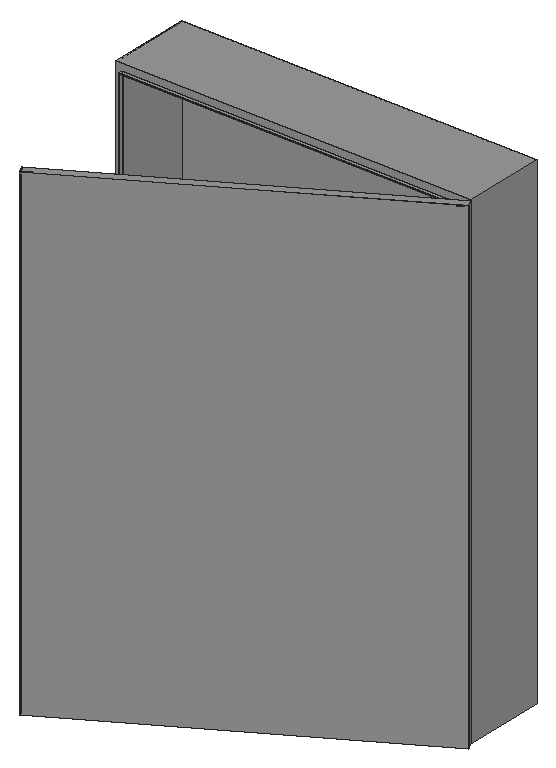
Revit family "Hager-Univers-IP54-D205-H1100-Cl.II-Encl-NoHosted-NL-en", category Equipement électrique, Revit 2020
Family settings
  Configuration du panneau = Deux colonnes, circuits au sein
  Cote de connecteur circulaire = Utiliser le diamètre
  Type d'élément = Tableau de raccordement
  Basée sur le plan de construction = Oui
  Toujours verticalement = Oui
  Couper avec des vides une fois chargée = Non
  Partagée = Non
  Point de calcul de pièce = Non
Parameters (values of type "Surface mounted (plaster) IP54 W800 H1100 D205  - FP73QSW")
  Width Control [instance] = if([EF000008 - Width] > Min Width, [EF000008 - Width], Min Width)  # 800 mm
  Commentaires du type = [HG000003 - Range]  # "Univers"
  Thickness Door [instance] = if([EF009171 - Material plate thickness door/cover] > 3 mm, 3 mm, [EF009171 - Material plate thickness door/cover])  # 1 mm
  Seal Frame Offset [instance] = 17 mm  # constant formula
  Plinth Visibility [instance] = [HG000027 - Plinth height] > 0 mm  # no
  Min Width [instance] = 100 mm  # constant formula
  Min Depth [instance] = (2 * [EF009170 - Material plate thickness cabinet]) + 1 mm  # 3 mm
  Min Height [instance] = 100 mm  # constant formula
  Internal Frame Depth [instance] = (Door System Depth * 0.5)  # 9 mm
  Panel Name [instance] = ""  # (empty or 0)
  Model = ""
  HG000027 - Plinth height = 0 mm
  HG000026 - Floor standing = no
  HG000024 - Bottom section height = 600 mm
  HG000023 - Double section enclosure = no
  HG000016 - Door 3d visibility [instance] = yes
  HG000015 - Clearance visibility [instance] = no
  HG000014 - Door on the right [instance] = yes
  HG000013 - Door on the left [instance] = not([HG000014 - Door on the right])  # no
  HG000012 - Door swing angle [instance] = 30.00°
  HG000010 - Asymmetric doors = no
  HG000009 - Double swing door = no
  HG000006 - Flush mounted = no
  HG000004 - Manufacturer reference = "FP73QSW"
  HG000003 - Range = "Univers"
  HG000002 - With door or cover = yes
  Frame Offset Bottom [instance] = 10 mm  # constant formula
  Frame Offset [instance] = 15 mm  # constant formula
  EF015940 - Cover with overpressure release = no
  EF011959 - Degree of protection (NEMA) = ""
  EF009554 - Number of openings for flange plates = 6
  EF009212 - Cover model = "EV000116 - Closed"
  EF009171 - Material plate thickness door/cover = 1 mm
  EF009170 - Material plate thickness cabinet = 1 mm
  EF008873 - Nominal current (In) = 250 A
  EF007800 - Suitable for lightning protection = no
  EF006306 - With lock = no
  EF006244 - Transparent cover/door = no
  EF005474 - Degree of protection (IP) = "EV006419 - IP54"
  EF004464 - Type of door = "EV002646 - Single"
  EF004427 - Number of modules = 252
  EF004293 - Impact strength = "EV006815 - IK09"
  EF003532 - Suitable for outdoor use = no
  EF002950 - Width in number of modular spacings = 36
  EF001613 - Circuit integrity = "EV000494 - None"
  EF001596 - Material housing = "EV000179 - Steel"
  EF001131 - Internal depth = 143 mm
  EF001088 - Extension possible = yes
  EF000437 - Number of conduit inlets = 6
  EF000339 - Type of cover = "EV001012 - Cover"
  EF000266 - Number of rows = 7
  EF000218 - Built-in depth = 0 mm
  EF000118 - With mounting plate = no
  EF000116 - RAL-number = "9010"
  EF000049 - Depth = 205 mm
  EF000040 - Height = 1100 mm
  EF000008 - Width = 800 mm
  EF000007 - Colour = "EV000202 - White"
  EF000003 - Mounting method = "EV000384 - Surface mounted (plaster)"
  Door System Leaf Tolerance [instance] = 1.5 mm  # constant formula
  Door System Depth [instance] = 18 mm  # constant formula
  Door Height [instance] = Height Control - [HG000027 - Plinth height]  # 1100 mm
  Description = ""
  Default Elevation = 1219.2 mm
  Connector Offset [instance] = Height Control / 2  # 550 mm
  Fabricant = "Hager"  # constant formula
  Height Control [instance] = if([EF000040 - Height] > Min Height, [EF000040 - Height], Min Height)  # 1100 mm
  Depth Control [instance] = if([EF000049 - Depth] > Min Depth, [EF000049 - Depth], Min Depth)  # 205 mm
  Bottom Top Plate Trim [instance] = 1.5 mm  # constant formula
  Plinth height Ctrl [instance] = if([HG000027 - Plinth height] > 0 mm, [HG000027 - Plinth height], 12 mm)  # 12 mm
Types (4, lengths in mm): name | Width Control | HG000010 - Asymmetric doors | HG000009 - Double swing door | HG000004 - Manufacturer reference | EF009554 - Number of openings for flange plates | EF004464 - Type of door | EF004427 - Number of modules | EF002950 - Width in number of modular spacings | EF001131 - Internal depth | EF000437 - Number of conduit inlets | EF000339 - Type of cover | EF000008 - Width
  Surface mounted (plaster) IP54 W1050 H1100 D205  - FP74QSW | 1050 | no | no | "FP74QSW" | 8 | "EV003602 - Double" | 336 | 48 | 143 | 8 | "EV001012 - Cover" | 1050
  Surface mounted (plaster) IP54 W1300 H1100 D205  - FP75QSW | 1300 | yes | yes | "FP75QSW" | 10 | "EV003602 - Double" | 420 | 60 | 130 | 10 | "EV004216 - Door" | 1300
  Surface mounted (plaster) IP54 W550 H1100 D205  - FP72QSW | 550 | no | no | "FP72QSW" | 4 | "EV002646 - Single" | 168 | 24 | 143 | 4 | "EV001012 - Cover" | 550
  Surface mounted (plaster) IP54 W800 H1100 D205  - FP73QSW | 800 | no | no | "FP73QSW" | 6 | "EV002646 - Single" | 252 | 36 | 143 | 6 | "EV001012 - Cover" | 800
Reference planes
  plane 1 "Center (Front/Back)": y = 0
  plane 2: z = 0
  plane 3 "Center (Left/Right)": x = 0
  plane 4: y = 0
  plane 5: y = 0
  plane 6: z = 0
  plane 7: x = -400
  plane 8: x = 400
  plane 9: x = 399
  plane 10: x = -399
  plane 11: z = 0
  plane 12: z = 1
  plane 13: y = -205
  plane 14: y = -1
  plane 15: x = 0
  plane 16: y = -187
  plane 17: y = -204
  plane 18: y = -186
  plane 19: x = -384
  plane 20: x = 384
  plane 21: z = 11
  plane 22: x = -383
  plane 23: x = 383
  plane 24: z = 0
  plane 25: z = 1100
  plane 26: z = 1100
  plane 27: z = 1084
  plane 28: z = 1099
Forms (mm)
  Extrusion 1, solid, material "Hager_Steel_RAL7035_Light_Grey", detail levels medium+fine
    sketch origin (-208.679, -4572, 0) x (-1, 0, 0) y (0, -1, 0)
      loop
        line (191.321, -4385) -> (-608.679, -4385) -> (-608.679, -4572) -> (191.321, -4572) -> (191.321, -4385)
    from 0 to 1100
  Extrusion 2, void
    sketch origin (-350.771, -205, 1219.2) x (1, 0, 0) y (0, 0, 1)
      loop
        line (-48.229, -120.2) -> (-48.229, -1218.2) -> (749.771, -1218.2) -> (749.771, -120.2) -> (-48.229, -120.2)
    from -19 to -204
  Extrusion 3, void
    sketch origin (-290.084, -187, 1219.2) x (1, 0, 0) y (0, 0, 1)
      loop
        line (-93.916, -1208.2) -> (674.084, -1208.2) -> (674.084, -135.2) -> (-93.916, -135.2) -> (-93.916, -1208.2)
    from 0 to -1
  Extrusion 4, solid, material "Hager_Steel_RAL7035_Light_Grey", visible <- "Plinth Visibility", detail levels medium+fine
    sketch origin (0, 0, 0) x (1, 0, 0) y (0, 1, 0)
      loop
        line (-400, 0) -> (-400, -187) -> (400, -187) -> (400, 0) -> (-400, 0)
    from 0 to 12 <- "Plinth height Ctrl"
  Extrusion 5, solid, material "Hager_Steel_RAL7035_Light_Grey", detail levels coarse
    sketch origin (0, 0, 0) x (1, 0, 0) y (0, 1, 0)
      loop
        line (-400, 0) -> (-400, -205) -> (400, -205) -> (400, 0) -> (-400, 0)
    from 0 to 1100 <- "Height Control"
  Sweep 6, void
    path in 3D
      loop
        line (-400, -187, 12) -> (400, -187, 12) -> (400, 0, 12) -> (-400, 0, 12) -> (-400, -187, 12)
    profile origin (-400, -93.5, 12) x (1, 0, 0) y (0, 0, 1)
      loop
        line (0, 0) -> (0, -1.5) -> (1.5, -1.5)
        arc (1.5, -1.5) -> (1.061, -0.439) -> (0, 0) r 1.5
  Extrusion 7, solid, material "Hager_Steel_RAL7035_Light_Grey", detail levels fine
    sketch origin (-400, -187, 0) x (1, 0, 0) y (0, 0, 1)
      loop
        line (16, 11) -> (784, 11) -> (784, 1084) -> (16, 1084) -> (16, 11)
      loop
        line (15, 10) -> (785, 10) -> (785, 1085) -> (15, 1085) -> (15, 10)
    from 0 to 9 <- "Internal Frame Depth"
Cuts and joins
  Extrusion 2, Extrusion 3 cuts Extrusion 1
  Sweep 6 cuts Extrusion 4
Lines and regions (mm)
  Masking region 1
    outline origin (0, 0, 0) x (1, 0, 0) y (0, 1, 0)
      loop
        line (-400, 0) -> (-400, -205) -> (400, -205) -> (400, 0) -> (-400, 0)
  Masking region 2, detail levels coarse
    outline origin (-290.084, -187, 1219.2) x (-1, 0, 0) y (0, 0, 1)
      loop
        line (-690.084, -1219.2) -> (109.916, -1219.2) -> (109.916, -119.2) -> (-690.084, -119.2) -> (-690.084, -1219.2)
  Masking region 3, detail levels coarse
    outline origin (0, 0, 0) x (0, 1, 0) y (0, 0, 1)
      loop
        line (0, 0) -> (0, 1100) -> (-205, 1100) -> (-205, 0) -> (0, 0)
  Masking region 4, visible <- "Plinth Visibility", detail levels medium+fine
    outline origin (0, 0, 0) x (0, 1, 0) y (0, 0, 1)
      loop
        line (-1.5, 12) -> (-185.5, 12)
        arc (-185.5, 12) -> (-185.939, 10.939) -> (-187, 10.5) r 1.5
        line (-187, 10.5) -> (-187, 0) -> (0, 0) -> (0, 10.5)
        arc (0, 10.5) -> (-1.061, 10.939) -> (-1.5, 12) r 1.5
  Masking region 5, detail levels medium+fine
    outline origin (0, 0, 594.038) x (0, 1, 0) y (0, 0, 1)
      loop
        line (0, -594.038) -> (0, 505.962) -> (-187, 505.962) -> (-187, -594.038) -> (0, -594.038)
  Masking region 6, detail levels medium+fine
    outline origin (-359.7, -187, 1211.883) x (-1, 0, 0) y (0, 0, 1)
      loop
        line (-759.7, -1211.883) -> (40.3, -1211.883) -> (40.3, -111.883) -> (-759.7, -111.883) -> (-759.7, -1211.883)
  Masking region 7, visible <- "Plinth Visibility", detail levels medium+fine
    outline origin (-320.334, -187, 1041.368) x (-1, 0, 0) y (0, 0, 1)
      loop
        line (-720.334, -1041.368) -> (79.666, -1041.368) -> (79.666, -1030.868)
        arc (79.666, -1030.868) -> (78.606, -1030.429) -> (78.166, -1029.368) r 1.5
        line (78.166, -1029.368) -> (-718.834, -1029.368)
        arc (-718.834, -1029.368) -> (-719.273, -1030.429) -> (-720.334, -1030.868) r 1.5
        line (-720.334, -1030.868) -> (-720.334, -1041.368)
  sketch lines
    curve 1: line (-400, 0, 12) -> (-400, -187, 12)
    curve 2: line (-400, -187, 12) -> (400, -187, 12)
    curve 3: line (400, 0, 12) -> (-400, 0, 12)
    curve 4: line (400, -187, 12) -> (400, 0, 12)
Dimensions and locks
  locked: plane 1 "Center (Front/Back)" to plane 5
  "EF009170 - Material plate thickness cabinet": plane 7 to plane 10
  "EF009170 - Material plate thickness cabinet": plane 8 to plane 9
  equal spacing: plane 7, plane 3 "Center (Left/Right)", plane 8
  "Width Control": plane 7 to plane 8
  "Depth Control": plane 4 to plane 13
  "EF009170 - Material plate thickness cabinet": plane 4 to plane 14
  "Height Control": plane 25 to level
  "HG000027 - Plinth height": plane 11 to level
  "EF009170 - Material plate thickness cabinet": plane 12 to plane 11
  "EF009170 - Material plate thickness cabinet": plane 17 to plane 13
  "EF009170 - Material plate thickness cabinet": plane 18 to plane 16
  "Frame Offset Bottom": plane 21 to plane 12
  "Frame Offset": plane 10 to plane 19
  "Frame Offset": plane 9 to plane 20
  "Door System Depth": plane 16 to plane 13
  "Seal Frame Offset": plane 7 to plane 22
  "Seal Frame Offset": plane 8 to plane 23
  "EF009170 - Material plate thickness cabinet": plane 26 to plane 28
  "Frame Offset": plane 28 to plane 27
  "Connector Offset": plane 2 to connector elem
  "Bottom Top Plate Trim": profile plane to Sweep 6 sketch curve
  "Bottom Top Plate Trim": Sweep 6 sketch curve to Sweep 6 sketch curve
  "Plinth height Ctrl": Masking region 4 sketch curve to level
  "Plinth height Ctrl": Masking region 7 sketch curve to level
  "Thickness Door": Extrusion 7 sketch curve to Extrusion 7 sketch curve  (x4)
  "Bottom Top Plate Trim": radius of Sweep 6 sketch curve
  "Bottom Top Plate Trim": radius of Masking region 4 sketch curve  (x2)
  "Bottom Top Plate Trim": radius of Masking region 7 sketch curve  (x2)
  aligned and locked: Extrusion 2 sketch curve to plane 12
  aligned and locked: Extrusion 2 sketch curve to plane 9
  aligned and locked: Extrusion 2 sketch curve to plane 10
  aligned and locked: Extrusion 2 to plane 14
  aligned and locked: Extrusion 1 sketch curve to plane 4
  aligned and locked: plane 8 to Extrusion 1 sketch curve
  aligned and locked: plane 7 to Extrusion 1 sketch curve
  aligned and locked: Extrusion 2 to plane 18
  aligned and locked: Extrusion 3 sketch curve to plane 19
  aligned and locked: plane 20 to Extrusion 3 sketch curve
  aligned and locked: Extrusion 3 to Extrusion 2
  aligned and locked: Extrusion 3 sketch curve to plane 21
  aligned and locked: plane 3 "Center (Left/Right)" to nested 1
  aligned and locked: Extrusion 1 sketch curve to plane 16
  aligned and locked: Extrusion 4 sketch curve to cut or joined group of Extrusion 1, Extrusion 2, Extrusion 3
  aligned and locked: Masking region 1 sketch curve to plane 7
  aligned and locked: Masking region 1 sketch curve to plane 5
  aligned and locked: Masking region 1 sketch curve to plane 8
  aligned and locked: Masking region 2 sketch curve to level
  aligned and locked: level to Masking region 3 sketch curve
  aligned and locked: plane 1 "Center (Front/Back)" to Masking region 3 sketch curve
  aligned and locked: plane 13 to Masking region 3 sketch curve
  aligned and locked: plane 5 to Masking region 4 sketch curve
  aligned and locked: Masking region 2 sketch curve to plane 8
  aligned and locked: Masking region 2 sketch curve to plane 7
  aligned and locked: plane 7 to nested 2
  aligned and locked: nested 2 to plane 5
  aligned and locked: plane 5 to Masking region 5 sketch curve
  aligned and locked: plane 26 to Masking region 5 sketch curve
  aligned and locked: Extrusion 5 sketch curve to plane 8
  aligned and locked: Extrusion 5 sketch curve to plane 7
  aligned and locked: Extrusion 5 sketch curve to plane 5
  aligned and locked: Extrusion 3 sketch curve to plane 27
  aligned and locked: Extrusion 2 sketch curve to plane 28
  aligned and locked: Masking region 2 to plane 25
  aligned and locked: Extrusion 4 to plane 16
  aligned and locked: profile plane to Sweep 6 sketch curve
  aligned and locked: Masking region 5 sketch curve to plane 24
  aligned and locked: level to Masking region 4 sketch curve
  aligned and locked: Masking region 1 to plane 13
  aligned and locked: nested 1 to plane 16
  aligned and locked: Masking region 3 to plane 25
  aligned and locked: plane 16 to Masking region 4 sketch curve
  aligned and locked: Masking region 5 sketch curve to plane 16
  aligned and locked: plane 24 to plane 11
  aligned and locked: plane 26 to plane 25
  aligned and locked: plane 26 to cut or joined group of Extrusion 1, Extrusion 2, Extrusion 3
  aligned and locked: nested 1 to plane 24
  aligned and locked: Extrusion 1 to Extrusion 3
  aligned and locked: Masking region 6 sketch curve to plane 8
  aligned and locked: Masking region 6 sketch curve to plane 24
  aligned and locked: Masking region 6 sketch curve to plane 7
  aligned and locked: Masking region 6 sketch curve to plane 26
  aligned and locked: Masking region 7 sketch curve to plane 7
  aligned and locked: level to Masking region 7 sketch curve
  aligned and locked: Masking region 7 sketch curve to plane 8
  aligned and locked: Extrusion 7 sketch curve to cut or joined group of Extrusion 1, Extrusion 2, Extrusion 3  (x4)
Automatic sketch dimensions
  plane 19 to Extrusion 3 sketch curve = 0 mm
  Extrusion 3 sketch curve to plane 20 = 0 mm
  Extrusion 3 sketch curve to plane 21 = 0 mm
  Extrusion 4 sketch curve to plane 7 = 0 mm
  Extrusion 4 sketch curve to plane 8 = 0 mm
  Extrusion 4 sketch curve to plane 16 = 0 mm
  Masking region 1 sketch curve to plane 13 = 0 mm
  Masking region 2 sketch curve to plane 25 = 0 mm
  Masking region 3 sketch curve to plane 25 = 0 mm
  Extrusion 5 sketch curve to plane 13 = 0 mm
  profile plane to Sweep 6 sketch curve = 0 mm
Nested families
  nested 1: "EC000058_Univers_Door" at (0, -187, 0), Double <- "HG000009 - Double swing door", Transparent <- "EF006244 - Transparent cover/door", Angle <- "HG000012 - Door swing angle", Door_Right <- "HG000014 - Door on the right", Assymetrical <- "HG000010 - Asymmetric doors", Door <- "HG000002 - With door or cover", Width_Ctrl <- "Width Control", 3d_Door <- "HG000016 - Door 3d visibility", Clearance <- "HG000015 - Clearance visibility", Door_Left <- "HG000013 - Door on the left", Width <- "Width Control", Door_Depth <- "Door System Depth", Leaf_Tolerance <- "Door System Leaf Tolerance", Height <- "Door Height", Lock_Visibility <- "EF006306 - With lock", Thickness <- "Thickness Door", type "EC000058_Univers_Door", detail levels medium+fine
    with min_wh 3 mm, Width_Ctrl 800 mm, Width 800 mm, Transparent no, Thickness 1 mm, Seal_Material Hager_Rubber, Lock_Visibility no, Lock_Material Hager_Plastic_RAL9005_Jet_Black, Leaf_Width 800 mm, Leaf_Tolerance_External_Sides 0 mm, Leaf_Tolerance 1.5 mm, Leaf_Offset 0 mm, Leaf_Height 1097 mm, Leaf_2_Width 800 mm, Leaf_2_Offset 400 mm, Leaf_1_Width 800 mm, Leaf_1_Offset 400 mm, Height_Ctrl 1100 mm, Height 1100 mm, Glass_Material Hager_Glass, Double_Clearance_Ctrl no, Double no, Door_Right_Ctrl yes, Door_Right yes, Door_Material Hager_Steel_RAL7035_Light_Grey, Door_Left_Ctrl no, Door_Left no, Door_Depth 18 mm, Door yes, Clearance_Material Hager_Clearance, Clearance_Depth 800 mm, Clearance_Ctrl no, Clearance no, Assymetrical no, Angle 30.00°, 3d_Door yes
  nested 2: "Hager_Enclosure_Symbol" at (-400, 0, 0), Height <- "Depth Control", Width <- "Width Control", type "Hager_Enclosure_Symbol"
    with Width_Ctrl 800 mm, Width 800 mm, Height_Ctrl 205 mm, Height 205 mm, A_Width_Int 13.453 mm, A_Width 161.438 mm, A_Height_Ctrl 179.375 mm, A_Height 179.375 mm
Connectors
  electrical at (0, 0, 550)
    settings: on plane 1 "Center (Front/Back)", index 1, voltage 0 V, apparent load 0 VA, apparent load phase1 0 VA, apparent load phase2 0 VA, apparent load phase3 0 VA, power factor 1, load classification "Other", number of poles 1, system type 30, power factor state 1, is connector primary yes, connector utility no, sub classification motor no, connector description ""
Definition of nested family "EC000058_Univers_Door"
  Parameters (values of type "EC000058_Univers_Door")
    min_wh [instance] = (2 * Thickness) + 1 mm  # 11 mm
    Width_Ctrl [instance] = 400 mm
    Width [instance] = 500 mm
    Transparent [instance] = yes
    Thickness [instance] = 5 mm
    Seal_Material [instance] = none
    Lock_Visibility [instance] = yes
    Lock_Material [instance] = none
    Leaf_Width [instance] = if((Width_Ctrl - 2 * Leaf_Tolerance_External_Sides) > 0 mm, (Width_Ctrl - 2 * Leaf_Tolerance_External_Sides), min_wh)  # 400 mm
    Leaf_Tolerance_External_Sides [instance] = 0 mm  # constant formula
    Leaf_Tolerance [instance] = 1.5 mm
    Leaf_Offset [instance] = 0 mm  # constant formula
    Leaf_Height [instance] = if((Height_Ctrl - 2 * Leaf_Tolerance) > 0 mm, (Height_Ctrl - 2 * Leaf_Tolerance), min_wh)  # 497 mm
    Leaf_2_Width [instance] = if(and(and(Double, Assymetrical), Door_Left), (Leaf_Width / 3) - (Leaf_Tolerance / 2), if(and(and(Double, Assymetrical), Door_Right), (Leaf_Width / 3) * 2 - (Leaf_Tolerance / 2), if(and(Double, not(Assymetrical)), (Leaf_Width / 2) - Leaf_Tolerance, Leaf_Width)))  # 400 mm
    Leaf_2_Offset [instance] = if(and(Double, Assymetrical), Leaf_2_Width / 2, if(and(Double, not(Assymetrical)), Leaf_Width / 4, Leaf_Width / 2))  # 200 mm
    Leaf_1_Width [instance] = if(and(and(Double, Assymetrical), Door_Right), (Leaf_Width / 3) - (Leaf_Tolerance / 2), if(and(and(Double, Assymetrical), Door_Left), (Width / 3) * 2 - (Leaf_Tolerance / 2), if(and(Double, not(Assymetrical)), (Leaf_Width / 2) - Leaf_Tolerance, Leaf_Width)))  # 400 mm
    Leaf_1_Offset [instance] = if(and(Double, Assymetrical), Leaf_1_Width / 2, if(and(Double, not(Assymetrical)), Leaf_Width / 4, Leaf_Width / 2))  # 200 mm
    Height_Ctrl [instance] = if(Height > min_wh, Height, min_wh)  # 500 mm
    Height [instance] = 500 mm
    Glass_Material [instance] = none
    Double_Clearance_Ctrl [instance] = and(Double, Clearance)  # no
    Double [instance] = no
    Door_Right_Ctrl [instance] = and(or(Door_Right, Double), Door)  # yes
    Door_Right [instance] = yes
    Door_Material [instance] = none
    Door_Left_Ctrl [instance] = and(or(Door_Left, Double), Door)  # no
    Door_Left [instance] = no
    Door_Depth [instance] = 30 mm
    Door [instance] = yes
    Default Elevation = 1219.2 mm
    Clearance_Material [instance] = none
    Clearance_Depth [instance] = if(Leaf_1_Width > Leaf_2_Width, Leaf_1_Width, Leaf_2_Width)  # 400 mm
    Clearance_Ctrl [instance] = and(not(Double), Clearance)  # yes
    Clearance [instance] = yes
    Assymetrical [instance] = yes
    Angle [instance] = 30.00°
    3d_Door [instance] = yes
  Reference planes
    plane 1 "Center (Front/Back)": y = 0
    plane 2 "Bottom": z = 0
    plane 3 "Center (Left/Right)": x = 0
    plane 4: z = 500
    plane 5: x = -200
    plane 6: x = 200
    plane 7: z = 500
    plane 8: x = -200
    plane 9: z = 0
    plane 10: x = 200
    plane 11: y = 0
    plane 12: z = 1.5
    plane 13: x = -600
    plane 14: y = -400
    plane 15: x = 600
    plane 16: x = 0
    plane 17: x = 0
    plane 18: x = -200
    plane 19: x = 200
    plane 20: z = 498.5
  Forms (mm)
    Extrusion 1, solid, material <- "Clearance_Material", visible <- "Double_Clearance_Ctrl"
      sketch origin (1200, 0, 0) x (1, 0, 0) y (0, 0, -1)
        loop
          line (-1800, -498.5) -> (-600, -498.5) -> (-600, 0) -> (-1800, 0) -> (-1800, -498.5)
      from 0 to -400
  Dimensions and locks
    equal spacing: plane 5, plane 3 "Center (Left/Right)", plane 6
    "Width_Ctrl": plane 5 to plane 6
    "Leaf_Offset": plane 5 to plane 8
    "Leaf_Offset": plane 6 to plane 10
    "Leaf_Offset": plane 9 to level
    "Leaf_Offset": plane 4 to plane 7
    "Height_Ctrl": plane 4 to level
    "Leaf_Tolerance": plane 12 to plane 9
    locked: plane 11 to plane 1 "Center (Front/Back)"
    "Leaf_1_Offset": plane 18 to plane 16
    "Leaf_2_Offset": plane 17 to plane 19
    "Leaf_1_Width": plane 13 to plane 8
    "Leaf_2_Width": plane 10 to plane 15
    "Clearance_Depth": plane 14 to plane 1 "Center (Front/Back)"
    "Leaf_Tolerance_External_Sides": plane 8 to plane 18
    "Leaf_Tolerance_External_Sides": plane 19 to plane 10
    "Leaf_Tolerance": plane 7 to plane 20
    aligned and locked: level to plane 2 "Bottom"
    aligned and locked: nested 1 to plane 16
    aligned and locked: nested 2 to plane 17
    aligned and locked: Extrusion 1 to plane 13
    aligned and locked: plane 15 to Extrusion 1
    aligned and locked: Extrusion 1 to plane 14
    aligned and locked: plane 12 to nested 1
    aligned and locked: nested 2 to plane 12
    aligned and locked: Extrusion 1 to plane 11
    aligned and locked: plane 20 to Extrusion 1
    aligned and locked: nested 2 to plane 11
    aligned and locked: nested 1 to plane 11
  Automatic sketch dimensions
    Extrusion 1 sketch curve to level = 0 mm
    plane 5 to Extrusion 1 sketch curve = 400 mm
    plane 6 to Extrusion 1 sketch curve = 400 mm
    Extrusion 1 sketch curve to plane 4 = 1.5 mm
  Nested families
    nested 1: "EC000058_Univers_Door_Leaf" at (0, 0, 1.5), Width <- "Leaf_1_Width", visible <- "Door_Left_Ctrl", Leaf_Height <- "Leaf_Height", Angle <- "Angle", 3d_Door <- "3d_Door", Transparent <- "Transparent", Clearance Material <- "Clearance_Material", Clearance <- "Clearance_Ctrl", Door_Material <- "Door_Material", Glass_Material <- "Glass_Material", Door_Depth <- "Door_Depth", Lock_Material <- "Lock_Material", Seal_Material <- "Seal_Material", Lock_Visibility <- "Lock_Visibility", Thickness <- "Thickness", type "EC000058_Univers_Door_Leaf"
      with Width 400 mm, Transparent_Glass_Offset 30 mm, Transparent_Ctrl yes, Transparent yes, Thickness 5 mm, Standard no, Seal_Material none, Seal_D2 8 mm, Seal_D1 1 mm, Offset_Internal_Frame 10 mm, Lock_Width 20 mm, Lock_Visibility_3d yes, Lock_Visibility yes, Lock_Thickness_3 3 mm, Lock_Thickness_2 1 mm, Lock_Thickness_1 3 mm, Lock_Radius_Offset_2 16 mm, Lock_Radius_Offset_1 15 mm, Lock_Radius_2 5 mm, Lock_Radius 6 mm, Lock_Offset 5 mm, Lock_Material none, Lock_Height 80 mm, Lock_Cover_Top_Offset_2d 17 mm, Lock_Cover_Height -65 mm, Leaf_Height 497 mm, Internal_Seal_Thickness 8 mm, Internal_Seal_Depth_2 4.5 mm, Internal_Frame_Depth 25 mm, Glass_Thickness -1 mm, Glass_Offset -2 mm, Glass_Material none, Door_Material none, Door_Depth 30 mm, Clearance Material none, Clearance yes, Angle_Ctrl 30.00°, Angle 30.00°, 3d_Door yes
    nested 2: "EC000058_Univers_Door_Leaf" at (0, 0, 1.5) x (-1, 0, 0) z (0, 0, 1), Width <- "Leaf_2_Width", visible <- "Door_Right_Ctrl", Leaf_Height <- "Leaf_Height", Angle <- "Angle", 3d_Door <- "3d_Door", Transparent <- "Transparent", Clearance Material <- "Clearance_Material", Clearance <- "Clearance_Ctrl", Door_Material <- "Door_Material", Glass_Material <- "Glass_Material", Door_Depth <- "Door_Depth", Lock_Material <- "Lock_Material", Seal_Material <- "Seal_Material", Lock_Visibility <- "Lock_Visibility", Thickness <- "Thickness", type "EC000058_Univers_Door_Leaf"
      with Width 400 mm, Transparent_Glass_Offset 30 mm, Transparent_Ctrl yes, Transparent yes, Thickness 5 mm, Standard no, Seal_Material none, Seal_D2 8 mm, Seal_D1 1 mm, Offset_Internal_Frame 10 mm, Lock_Width 20 mm, Lock_Visibility_3d yes, Lock_Visibility yes, Lock_Thickness_3 3 mm, Lock_Thickness_2 1 mm, Lock_Thickness_1 3 mm, Lock_Radius_Offset_2 16 mm, Lock_Radius_Offset_1 15 mm, Lock_Radius_2 5 mm, Lock_Radius 6 mm, Lock_Offset 5 mm, Lock_Material none, Lock_Height 80 mm, Lock_Cover_Top_Offset_2d 17 mm, Lock_Cover_Height -65 mm, Leaf_Height 497 mm, Internal_Seal_Thickness 8 mm, Internal_Seal_Depth_2 4.5 mm, Internal_Frame_Depth 25 mm, Glass_Thickness -1 mm, Glass_Offset -2 mm, Glass_Material none, Door_Material none, Door_Depth 30 mm, Clearance Material none, Clearance yes, Angle_Ctrl 30.00°, Angle 30.00°, 3d_Door yes
  Definition of nested family "EC000058_Univers_Door_Leaf"
    Parameters (values of type "EC000058_Univers_Door_Leaf")
      Width [instance] = 2000 mm
      Transparent_Glass_Offset [instance] = 30 mm
      Transparent_Ctrl [instance] = and(Transparent, [3d_Door])  # yes
      Transparent [instance] = yes
      Thickness [instance] = 5 mm
      Standard [instance] = and(not(Transparent), [3d_Door])  # no
      Seal_Material [instance] = none
      Seal_D2 [instance] = 8 mm  # constant formula
      Seal_D1 [instance] = 1 mm  # constant formula
      Offset_Internal_Frame [instance] = 10 mm  # constant formula
      Lock_Width [instance] = 20 mm  # constant formula
      Lock_Visibility_3d [instance] = and(Lock_Visibility, [3d_Door])  # yes
      Lock_Visibility [instance] = yes
      Lock_Thickness_3 [instance] = 3 mm  # constant formula
      Lock_Thickness_2 [instance] = 1 mm  # constant formula
      Lock_Thickness_1 [instance] = 3 mm  # constant formula
      Lock_Radius_Offset_2 [instance] = Lock_Radius_Offset_1 + 1 mm  # 16 mm
      Lock_Radius_Offset_1 [instance] = 15 mm  # constant formula
      Lock_Radius_2 [instance] = Lock_Radius - 1 mm  # 5 mm
      Lock_Radius [instance] = 6 mm  # constant formula
      Lock_Offset [instance] = 5 mm  # constant formula
      Lock_Material [instance] = none
      Lock_Height [instance] = 80 mm  # constant formula
      Lock_Cover_Top_Offset_2d [instance] = Lock_Radius_Offset_2 + 1 mm  # 17 mm
      Lock_Cover_Height [instance] = -(Lock_Height - Lock_Radius_Offset_1)  # -65 mm
      Leaf_Height [instance] = 2720.336 mm
      Internal_Seal_Thickness [instance] = 8 mm  # constant formula
      Internal_Seal_Depth_2 [instance] = 4.5 mm  # constant formula
      Internal_Frame_Depth [instance] = if(Door_Depth - Thickness > 5 mm, Door_Depth - Thickness, 5 mm)  # 25 mm
      Glass_Thickness [instance] = if(Thickness > 15 mm, Glass_Offset + 10 mm, -1 mm)  # -1 mm
      Glass_Offset [instance] = if(Thickness > 15 mm, -(Thickness + 10 mm) / 2, -2 mm)  # -2 mm
      Glass_Material [instance] = none
      Door_Material [instance] = none
      Door_Depth [instance] = 30 mm
      Default Elevation = 0 mm
      Clearance Material [instance] = none
      Clearance [instance] = yes
      Angle_Ctrl [instance] = if(Angle > 180.00°, 180.00°, Angle)  # 90.00°
      Angle [instance] = 90.00°
      3d_Door [instance] = yes
    Reference planes
      plane 1 "Center (Front/Back)": y = 0
      plane 2: z = 0
      plane 3 "Center (Left/Right)": x = 0
      plane 4: y = 2000
      plane 5: x = -1000
      plane 6: x = 1000
      plane 7: x = -3000
      plane 8: z = 2720.336
      plane 9: z = 30
      plane 10: z = 2690.336
      plane 11: x = 970
      plane 12: x = -970
      plane 13: y = -3
      plane 14: z = 107.833
      plane 15: y = -5
      plane 16: y = -223.314
      plane 17: x = -1000
      plane 18: z = 1360.168
      plane 19: y = 30
    Forms (mm)
      Extrusion 1, solid, material <- "Clearance Material", visible <- "Clearance"
        sketch origin (0, 0, 0) x (1, 0, 0) y (0, 0, 1)
          loop
            line (-3000, 2720.336) -> (-3000, 0) -> (1000, 0) -> (1000, 2720.336) -> (-3000, 2720.336)
        from 0 to -2000
      Extrusion 2, solid, material <- "Door_Material", visible <- "Standard", detail levels medium+fine
        sketch origin (-1000, 0, 0) x (0, 1, 0) y (-1, 0, 0)
          loop
            line (0, 30) -> (0, 25) -> (2000, 25) -> (2000, 30) -> (0, 30)
        from 0 to 2720.336 <- "Leaf_Height"
      Extrusion 3, solid, material <- "Door_Material", visible <- "Transparent_Ctrl", detail levels medium+fine
        sketch origin (-1000, 0, 0) x (0, 1, 0) y (-1, 0, 0)
          loop
            line (0, 25) -> (2000, 25) -> (2000, 30) -> (0, 30) -> (0, 25)
        from 0 to 2720.336 <- "Leaf_Height"
      Extrusion 4, void
        sketch origin (-1025, 2000, 0) x (0, 1, 0) y (0, 0, -1)
          loop
            line (-30, -2690.336) -> (-30, -30) -> (-1970, -30) -> (-1970, -2690.336) -> (-30, -2690.336)
        from 0 to 5 <- "Thickness"
      Sweep 5, solid, material <- "Seal_Material", visible <- "Transparent_Ctrl", detail levels fine
        path in 3D
          loop
            line (-1025, 30, 30) -> (-1025, 30, 2690.336) -> (-1025, 1970, 2690.336) -> (-1025, 1970, 30) -> (-1025, 30, 30)
        profile origin (-1025, 1000, 30) x (1, 0, 0) y (0, 0, 1)
          loop
            line (0, 0) -> (0, -8) -> (1, -8) -> (1, 0) -> (0, 0)
      Extrusion 6, solid, material <- "Glass_Material", visible <- "Transparent_Ctrl", detail levels medium+fine
        sketch origin (-1030, 0, 0) x (0, 1, 0) y (0, 0, -1)
          loop
            line (1970, -2690.336) -> (1970, -30) -> (30, -30) -> (30, -2690.336) -> (1970, -2690.336)
        from -2 <- "Glass_Offset" to -1 <- "Glass_Thickness"
      Extrusion 7, solid, material <- "Door_Material", visible <- "3d_Door", detail levels medium+fine
        sketch origin (-1025, 2000, 0) x (0, -1, 0) y (0, 0, -1)
          loop
            line (0, -2720.336) -> (2000, -2720.336) -> (2000, 0) -> (0, 0) -> (0, -2720.336)
          loop
            line (1995, -5) -> (5, -5) -> (5, -2715.336) -> (1995, -2715.336) -> (1995, -5)
        from 0 to 25 <- "Internal_Frame_Depth"
      Sweep 8, solid, material <- "Seal_Material", visible <- "Transparent_Ctrl", detail levels fine
        path in 3D
          loop
            line (-1025, 0, 0) -> (-1025, 2000, 0) -> (-1025, 2000, 2720.336) -> (-1025, 0, 2720.336) -> (-1025, 0, 0)
        profile origin (-1025, 0, 1360.168) x (1, 0, 0) y (0, 1, 0)
          loop
            line (0, 10) -> (2.975, 10)
            arc (2.975, 10) -> (4.053, 10.447) -> (4.5, 11.525) r 1.525
            line (4.5, 11.525) -> (4.5, 16.527)
            arc (4.5, 16.527) -> (4.069, 17.569) -> (3.027, 18) r 1.473
            line (3.027, 18) -> (0, 18) -> (0, 10)
      Extrusion 9, solid, material <- "Lock_Material", visible <- "Lock_Visibility_3d", detail levels fine
        sketch origin (-1030, 0, 0) x (0, 1, 0) y (0, 0, -1)
          loop
            arc (1993.5, -1400.168) -> (1994.561, -1399.729) -> (1995, -1398.668) r 1.5
            line (1995, -1398.668) -> (1995, -1320.168) -> (1975, -1320.168) -> (1975, -1398.668)
            arc (1975, -1398.668) -> (1975.439, -1399.729) -> (1976.5, -1400.168) r 1.5
            line (1976.5, -1400.168) -> (1993.5, -1400.168)
        from 3 <- "Lock_Thickness_1" to 0
      Blend 10, solid, material <- "Lock_Material", visible <- "Lock_Visibility_3d", detail levels fine
        base sketch origin (-1033, 0, 0) x (0, 1, 0) y (0, 0, -1)
          loop
            line (1975, -1320.168) -> (1975, -1398.668)
            arc (1975, -1398.668) -> (1975.439, -1399.729) -> (1976.5, -1400.168) r 1.5
            line (1976.5, -1400.168) -> (1993.5, -1400.168)
            arc (1993.5, -1400.168) -> (1994.561, -1399.729) -> (1995, -1398.668) r 1.5
            line (1995, -1398.668) -> (1995, -1320.168) -> (1975, -1320.168)
        top sketch origin (-1033, 0, 0) x (0, 1, 0) y (0, 0, -1)
          loop
            line (1976, -1320.168) -> (1976, -1398.668)
            arc (1976, -1398.668) -> (1976.146, -1399.022) -> (1976.5, -1399.168) r 0.5
            line (1976.5, -1399.168) -> (1993.5, -1399.168)
            arc (1993.5, -1399.168) -> (1993.854, -1399.022) -> (1994, -1398.668) r 0.5
            line (1994, -1398.668) -> (1994, -1320.168) -> (1976, -1320.168)
        from 0 to 1 <- "Lock_Thickness_2"
      Blend 11, solid, material <- "Lock_Material", visible <- "Lock_Visibility_3d", detail levels fine
        base sketch origin (-1034, 0, 0) x (0, 1, 0) y (0, 0, -1)
          loop
            line (1978, -1320.168) -> (1978, -1384.168)
            arc (1978, -1384.168) -> (1985, -1391.168) -> (1992, -1384.168) r 7
            line (1992, -1384.168) -> (1992, -1320.168) -> (1978, -1320.168)
        top sketch origin (-1034, 0, 0) x (0, 1, 0) y (0, 0, -1)
          loop
            line (1991, -1320.168) -> (1979, -1320.168) -> (1979, -1383.168)
            arc (1979, -1383.168) -> (1985, -1389.168) -> (1991, -1383.168) r 6
            line (1991, -1383.168) -> (1991, -1320.168)
        from 0 to 3 <- "Lock_Thickness_3"
      Extrusion 12, solid, material <- "Lock_Material", visible <- "Lock_Visibility_3d", detail levels fine
        sketch origin (-1030, 1975, 1320.168) x (1, 0, 0) y (0, -1, 0)
          loop
            line (-7, -19) -> (-7, -1) -> (0, -1) -> (0, 0) -> (-8, 0) -> (-8, -20) -> (0, -20) -> (0, -19) -> (-7, -19)
        from 0 to -65 <- "Lock_Cover_Height"
      Extrusion 13, void
        sketch origin (-1038, 1995, 1320.168) x (-1, 0, 0) y (0, 0, -1)
          loop
            line (-5, -65) -> (0, -65) -> (-5, -60) -> (-5, -65)
        from 0 to 20 <- "Lock_Width"
      Extrusion 14, void
        sketch origin (-1038, 1975, 1320.168) x (0, -1, 0) y (0, 0, -1)
          loop
            circle (-10, -15.995) r 6
          loop
            circle (-10, -15.995) r 5
        from 0 to 2
      Extrusion 15, solid, material <- "Lock_Material", visible <- "Lock_Visibility_3d", detail levels medium
        sketch origin (-1030, 0, 0) x (0, 1, 0) y (0, 0, -1)
          loop
            arc (1993.5, -1400.168) -> (1994.561, -1399.729) -> (1995, -1398.668) r 1.5
            line (1995, -1398.668) -> (1995, -1320.168) -> (1975, -1320.168) -> (1975, -1398.668)
            arc (1975, -1398.668) -> (1975.439, -1399.729) -> (1976.5, -1400.168) r 1.5
            line (1976.5, -1400.168) -> (1993.5, -1400.168)
        from 8 to 0
    Cuts and joins
      Extrusion 4 cuts Extrusion 3
      Extrusion 13, Extrusion 14 cuts Extrusion 9
      Extrusion 14 cuts Blend 11
      Extrusion 13, Extrusion 14 cuts Extrusion 12
      joined: Extrusion 9, Blend 10, Blend 11, Extrusion 12
      Extrusion 14 cuts Extrusion 15
    Lines and regions (mm)
      Masking region 1, visible <- "Lock_Visibility", detail levels fine
        outline origin (0, 0, 0) x (0, 1, 0) y (0, 0, 1)
          loop
            line (30, 1320.168) -> (33, 1320.168) -> (33, 1400.168) -> (30, 1400.168) -> (30, 1320.168)
      Masking region 2, visible <- "Lock_Visibility", detail levels fine
        outline origin (0, 3.143, 0) x (0, 1, 0) y (0, 0, 1)
          loop
            line (29.857, 1354.168) -> (30.857, 1354.168) -> (30.857, 1366.168) -> (29.857, 1366.168) -> (29.857, 1354.168)
      Masking region 3, detail levels medium+fine
        outline origin (0, 0, 0) x (0, 1, 0) y (0, 0, 1)
          loop
            line (0, 0) -> (30, 0) -> (30, 2720.336) -> (0, 2720.336) -> (0, 0)
      Masking region 4, detail levels medium+fine
        outline origin (0, 0, 0) x (1, 0, 0) y (0, 0, 1)
          loop
            line (-1000, 2720.336) -> (-1000, 0) -> (1000, 0) -> (1000, 2720.336) -> (-1000, 2720.336)
      Masking region 5, visible <- "Lock_Visibility", detail levels fine
        outline origin (-47.116, 0, 0) x (1, 0, 0) y (0, 0, 1)
          loop
            arc (1024.616, 1399.168) -> (1023.556, 1398.729) -> (1023.116, 1397.668) r 1.5
            line (1023.116, 1397.668) -> (1023.116, 1320.168) -> (1041.116, 1320.168) -> (1041.116, 1397.668)
            arc (1041.116, 1397.668) -> (1040.677, 1398.729) -> (1039.616, 1399.168) r 1.5
            line (1039.616, 1399.168) -> (1024.616, 1399.168)
      Masking region 6, visible <- "Lock_Visibility", detail levels medium+fine
        outline origin (-25, 0, 0) x (1, 0, 0) y (0, 0, 1)
          loop
            arc (1001.5, 1400.168) -> (1000.439, 1399.729) -> (1000, 1398.668) r 1.5
            line (1000, 1398.668) -> (1000, 1320.168) -> (1020, 1320.168) -> (1020, 1398.668)
            arc (1020, 1398.668) -> (1019.561, 1399.729) -> (1018.5, 1400.168) r 1.5
            line (1018.5, 1400.168) -> (1001.5, 1400.168)
      Masking region 7, visible <- "Lock_Visibility", detail levels fine
        outline origin (-73.735, 0, 0) x (1, 0, 0) y (0, 0, 1)
          loop
            line (1051.735, 1382.168) -> (1065.735, 1382.168) -> (1065.735, 1384.168)
            arc (1065.735, 1384.168) -> (1058.735, 1391.168) -> (1051.735, 1384.168) r 7
            line (1051.735, 1384.168) -> (1051.735, 1382.168)
      Masking region 8, visible <- "Lock_Visibility", detail levels fine
        outline origin (-73.735, 0, 0) x (1, 0, 0) y (0, 0, 1)
          loop
            line (1052.735, 1382.168) -> (1064.735, 1382.168) -> (1064.735, 1383.168)
            arc (1064.735, 1383.168) -> (1058.735, 1389.168) -> (1052.735, 1383.168) r 6
            line (1052.735, 1383.168) -> (1052.735, 1382.168)
      Masking region 9, visible <- "Lock_Visibility", detail levels fine
        outline origin (-25, 0, 0) x (1, 0, 0) y (0, 0, 1)
          loop
            line (1020, 1320.168) -> (1020, 1382.168) -> (1000, 1382.168) -> (1000, 1320.168) -> (1020, 1320.168)
      Masking region 10, detail levels medium+fine
        outline origin (0, 0, 0) x (1, 0, 0) y (0, 0, 1)
          loop
            circle (985, 1335.144) r 6
      Masking region 11, detail levels fine
        outline origin (0, 0, 0) x (1, 0, 0) y (0, 0, 1)
          loop
            circle (985, 1335.144) r 5
      Masking region 12, visible <- "Lock_Visibility", detail levels fine
        outline origin (0, 12.767, 0) x (0, 1, 0) y (0, 0, 1)
          loop
            line (20.233, 1320.168) -> (21.233, 1320.168) -> (21.233, 1399.168) -> (20.233, 1400.168) -> (20.233, 1320.168)
      Masking region 13, visible <- "Lock_Visibility", detail levels fine
        outline origin (0, 13.767, -10) x (0, 1, 0) y (0, 0, 1)
          loop
            line (20.233, 1330.168) -> (23.233, 1330.168) -> (23.233, 1399.168) -> (20.233, 1402.168) -> (20.233, 1330.168)
      Masking region 14, visible <- "Lock_Visibility", detail levels fine
        outline origin (0, 12.767, -10) x (0, 1, 0) y (0, 0, 1)
          loop
            line (20.233, 1330.168) -> (25.233, 1330.168) -> (25.233, 1399.305) -> (20.233, 1394.305) -> (20.233, 1330.168)
      Masking region 15, visible <- "Lock_Visibility", detail levels medium
        outline origin (0, 0, 0) x (0, 1, 0) y (0, 0, 1)
          loop
            line (30, 1320.168) -> (38, 1320.168) -> (38, 1400.168) -> (30, 1400.168) -> (30, 1320.168)
      Masking region 16, visible <- "Lock_Visibility", detail levels fine
        outline origin (-1000, 0, 0) x (0, 1, 0) y (-1, 0, 0)
          loop
            line (1975, 30) -> (1995, 30) -> (1995, 38) -> (1975, 38) -> (1975, 30)
          loop
            line (1979, 37) -> (1976, 37) -> (1976, 34) -> (1978, 34) -> (1979, 37)
          loop
            line (1994, 37) -> (1991, 37) -> (1992, 34) -> (1994, 34) -> (1994, 37)
      Masking region 17, visible <- "Lock_Visibility", detail levels medium
        outline origin (-1000, 0, 0) x (0, 1, 0) y (-1, 0, 0)
          loop
            line (1975, 30) -> (1995, 30) -> (1995, 38) -> (1975, 38) -> (1975, 30)
      symbolic lines
        curve 1: line (1000, 0, 0) -> (-3000, 0, 0)
        curve 2: arc (1000, 0, 0) -> (-1000, 2000, 0) -> (-3000, 0, 0) r 2000
        curve 4: line (-1030, 0, 0) -> (-1030, 2000, 0)
      reference lines
        curve 3: line (-1000, 0, 0) -> (-1000, 2000, 0)
      symbolic lines, detail levels medium+fine
        curve 5: line (-1030, 2000, 0) -> (-1025, 2000, 0)
        curve 7: line (-1025, 0, 0) -> (-1030, 0, 0)
        curve 8: line (-1025, 0, 0) -> (-1000, 0, 0)
        curve 9: line (-1000, 0, 0) -> (-1000, 2000, 0)
        curve 10: line (-1000, 2000, 0) -> (-1025, 2000, 0)
      symbolic lines, detail levels fine
        curve 6: line (-1025, 2000, 0) -> (-1025, 0, 0)
      sketch lines
        curve 11: line (-1025, 0, 2720.336) -> (-1025, 0, 0)
        curve 12: line (-1025, 2000, 0) -> (-1025, 0, 0)
        curve 13: line (-1025, 2000, 2720.336) -> (-1025, 2000, 0)
        curve 14: line (-1025, 0, 2720.336) -> (-1025, 2000, 2720.336)
        curve 15: line (-1025, 1970, 30) -> (-1025, 30, 30)
        curve 16: line (-1025, 30, 30) -> (-1025, 30, 2690.336)
        curve 17: line (-1025, 1970, 2690.336) -> (-1025, 1970, 30)
        curve 18: line (-1025, 30, 2690.336) -> (-1025, 1970, 2690.336)
      symbolic lines, visible <- "Transparent", detail levels medium+fine
        curve 19: line (-970, 0, 2690.336) -> (970, 0, 2690.336)
        curve 20: line (-970, 0, 30) -> (-970, 0, 2690.336)
        curve 21: line (970, 0, 30) -> (-970, 0, 30)
        curve 22: line (970, 0, 2690.336) -> (970, 0, 30)
    Dimensions and locks
      "Width": plane 1 "Center (Front/Back)" to plane 4
      equal spacing: plane 5, plane 3 "Center (Left/Right)", plane 6
      "Width": plane 5 to plane 6
      "Width": plane 7 to plane 5
      "Leaf_Height": plane 8 to level
      "Width": curve 5 to curve 3
      "Width": curve 3 to curve 3
      plane 8 to plane 10 = 30 mm
      plane 9 to level = 30 mm
      plane 12 to plane 5 = 30 mm
      plane 6 to plane 11 = 30 mm
      Extrusion 1 to Extrusion 4 sketch curve = 30 mm
      "Transparent_Glass_Offset": curve 3 to Extrusion 4 sketch curve
      "Transparent_Glass_Offset": Extrusion 4 sketch curve to cut or joined group of Extrusion 3, Extrusion 4  (x2)
      cut or joined group of Extrusion 3, Extrusion 4 to Extrusion 6 sketch curve = 30 mm
      "Transparent_Glass_Offset": cut or joined group of Extrusion 3, Extrusion 4 to Extrusion 4 sketch curve
      "Thickness": curve 6 to curve 4
      "Thickness": Extrusion 7 sketch curve to Extrusion 7 sketch curve  (x4)
      "Door_Depth": curve 4 to curve 3
      "Offset_Internal_Frame": profile plane to Sweep 8 sketch curve
      "Internal_Seal_Thickness": Sweep 8 sketch curve to Sweep 8 sketch curve
      "Internal_Seal_Depth_2": profile plane to Sweep 8 sketch curve
      "Seal_D1": profile plane to Sweep 5 sketch curve
      "Seal_D2": profile plane to Sweep 5 sketch curve
      "Thickness": Extrusion 2 sketch curve to Extrusion 2 sketch curve
      equal spacing: Extrusion 9 sketch curve, plane 18, Extrusion 9 sketch curve  (x2)
      equal spacing: Masking region 1 sketch curve, plane 18, Masking region 1 sketch curve
      "Lock_Height": Masking region 1 sketch curve to Masking region 1 sketch curve
      "Lock_Radius": Masking region 2 sketch curve to plane 18 to Masking region 2 sketch curve
      Masking region 2 sketch curve to Masking region 1 = 1 mm
      "Door_Depth": plane 19 to plane 1 "Center (Front/Back)"
      "Lock_Thickness_1": Masking region 1 sketch curve to plane 19
      "Lock_Width": Extrusion 9 sketch curve to Extrusion 9 sketch curve
      "Lock_Height": Extrusion 9 sketch curve to Extrusion 9 sketch curve
      "Lock_Offset": cut or joined group of Extrusion 3, Extrusion 4 to Extrusion 9 sketch curve
      equal spacing: plane 8, plane 18, level
      "Lock_Radius_Offset_1": Blend 11 sketch curve to Blend 10
      locked: Blend 10 to Blend 11 sketch curve at 2  (x2)
      locked: var sketch to Blend 11 sketch curve at 1  (x2)
      "Lock_Radius_Offset_2": Blend 11 sketch curve to Blend 10
      locked: Extrusion 12 sketch curve to Extrusion 12 sketch curve at 1  (x3)
      Masking region 6 sketch curve to Masking region 6 sketch curve = 80 mm
      "Lock_Height": Masking region 6 sketch curve to Masking region 6 sketch curve
      "Lock_Width": Masking region 6 sketch curve to Masking region 6 sketch curve
      locked: Masking region 6 to Masking region 5 sketch curve at 1  (x3)
      locked: Masking region 5 to Masking region 7 sketch curve at 2  (x2)
      "Lock_Radius_Offset_1": Masking region 5 to Masking region 7 sketch curve
      "Lock_Radius_Offset_2": Masking region 5 to Masking region 8 sketch curve
      locked: Masking region 7 to Masking region 8 sketch curve at 1  (x2)
      "Lock_Cover_Top_Offset_2d": Masking region 5 to Masking region 9 sketch curve
      equal spacing: Masking region 9, Masking region 10 sketch curve, Masking region 9
      equal spacing: Masking region 9, Masking region 11 sketch curve, Masking region 9
      Extrusion 15 sketch curve to Extrusion 15 sketch curve = 80 mm
      "Lock_Width": Extrusion 15 sketch curve to Extrusion 15 sketch curve
      "Lock_Height": Extrusion 15 sketch curve to Extrusion 15 sketch curve
      equal spacing: Extrusion 15 sketch curve, plane 18, Extrusion 15 sketch curve
      "Lock_Thickness_3": Masking region 13 sketch curve to Masking region 13 sketch curve
      "Lock_Height": Masking region 12 sketch curve to Masking region 12 sketch curve
      locked: Masking region 13 sketch curve to Masking region 1 at 8
      locked: Masking region 14 sketch curve to Masking region 13 at 1
      locked: Masking region 14 sketch curve to Masking region 1 at 10.863
      "Lock_Height": Masking region 15 sketch curve to Masking region 15 sketch curve
      "Lock_Offset": Extrusion 15 sketch curve to cut or joined group of Extrusion 3, Extrusion 4
      "Lock_Offset": plane 6 to Masking region 6 sketch curve
      radius of Sweep 8 sketch curve = 1.525 mm
      radius of Sweep 8 sketch curve = 1.473 mm
      radius of Extrusion 9 sketch curve = 1.5 mm  (x2)
      "Lock_Radius": radius of Extrusion 14 sketch curve
      "Lock_Radius_2": radius of Extrusion 14 sketch curve
      "Lock_Radius": radius of Masking region 10 sketch curve
      "Lock_Radius_2": radius of Masking region 11 sketch curve
      radius of Extrusion 15 sketch curve = 1.5 mm  (x2)
      "Angle_Ctrl": angle plane 1 "Center (Front/Back)" to curve 3
      locked: Masking region 12 sketch curve to Masking region 12 sketch curve (angle 45.00°)
      locked: Masking region 13 sketch curve to Masking region 13 sketch curve (angle 45.00°)
      locked: Masking region 14 sketch curve to Masking region 14 sketch curve (angle 45.00°)
      aligned and locked: level to plane 2
      aligned and locked: Extrusion 1 to curve 1
      aligned and locked: plane 6 to Extrusion 1
      aligned and locked: Extrusion 1 to plane 1 "Center (Front/Back)"
      aligned and locked: plane 4 to Extrusion 1
      aligned and locked: plane 8 to Extrusion 1
      aligned and locked: curve 7 to Extrusion 2 sketch curve
      aligned and locked: curve 5 to Extrusion 2 sketch curve
      aligned and locked: curve 7 to Extrusion 3 sketch curve
      aligned and locked: Extrusion 3 sketch curve to curve 4
      aligned and locked: Extrusion 3 sketch curve to curve 6
      aligned and locked: Extrusion 3 sketch curve to curve 5
      aligned and locked: curve 9 to curve 3
      aligned and locked: Extrusion 7 sketch curve to cut or joined group of Extrusion 3, Extrusion 4  (x4)
      aligned and locked: plane 17 to curve 3
      aligned and locked: plane 1 "Center (Front/Back)" to curve 3
      aligned and locked: plane 17 to plane 5
      aligned and locked: Sweep 8 sketch curve to profile plane
      aligned and locked: Sweep 5 sketch curve to profile plane  (x2)
      aligned and locked: Masking region 1 to Masking region 2 sketch curve
      aligned and locked: plane 19 to Masking region 1 sketch curve
      aligned and locked: plane 1 "Center (Front/Back)" to Masking region 3 sketch curve
      aligned and locked: plane 19 to Masking region 3 sketch curve
      aligned and locked: level to Masking region 3 sketch curve
      aligned and locked: Masking region 3 sketch curve to plane 8
      aligned and locked: plane 17 to Masking region 4 sketch curve
      aligned and locked: level to Masking region 4 sketch curve
      aligned and locked: Masking region 4 sketch curve to plane 8
      aligned and locked: plane 12 to curve 20
      aligned and locked: plane 10 to curve 19
      aligned and locked: plane 11 to curve 22
      aligned and locked: curve 21 to plane 9
      aligned and locked: Extrusion 2 sketch curve to cut or joined group of Extrusion 3, Extrusion 4
      aligned and locked: Blend 10 sketch curve to Extrusion 9  (x4)
      aligned and locked: Extrusion 9 to Blend 10 sketch curve
      aligned and locked: Blend 10 to Blend 11 sketch curve
      aligned and locked: Extrusion 12 sketch curve to Blend 11
      aligned and locked: Extrusion 12 sketch curve to Extrusion 9  (x4)
      aligned and locked: Masking region 5 sketch curve to Masking region 6
      aligned and locked: Masking region 9 sketch curve to Masking region 6  (x3)
      aligned and locked: Masking region 12 sketch curve to Masking region 1
      aligned and locked: Masking region 13 sketch curve to Masking region 1
      aligned and locked: Masking region 12 to Masking region 14
      aligned and locked: Masking region 14 sketch curve to Masking region 1
      aligned and locked: Masking region 15 sketch curve to Masking region 14
      aligned and locked: Masking region 13 sketch curve to Masking region 12
      aligned and locked: Masking region 16 sketch curve to cut or joined group of Extrusion 14, Extrusion 15  (x4)
      aligned and locked: Masking region 16 sketch curve to cut or joined group of Extrusion 9, Blend 10, Blend 11, Extrusion 12, Extrusion 13, Extrusion 14  (x6)
      aligned and locked: cut or joined group of Extrusion 9, Blend 10, Blend 11, Extrusion 12, Extrusion 13, Extrusion 14 to Masking region 16 sketch curve
      aligned and locked: Masking region 17 sketch curve to cut or joined group of Extrusion 14, Extrusion 15  (x3)
      aligned and locked: Masking region 17 sketch curve to cut or joined group of Extrusion 9, Blend 10, Blend 11, Extrusion 12, Extrusion 13, Extrusion 14
      aligned and locked: Masking region 9 to Masking region 8 sketch curve
      aligned and locked: Masking region 9 to Masking region 7 sketch curve
    Automatic sketch dimensions
      plane 1 "Center (Front/Back)" to curve 2 = 0 mm
      curve 2 to plane 5 = 0 mm
      Extrusion 1 sketch curve to level = 0 mm
      Extrusion 1 sketch curve to plane 7 = 0 mm
      Extrusion 1 sketch curve to plane 6 = 0 mm
      Extrusion 1 sketch curve to plane 8 = 0 mm
      Extrusion 3 to Extrusion 6 sketch curve = 30 mm  (x4)
      Masking region 4 sketch curve to plane 6 = 0 mm
      Blend 10 sketch curve to Extrusion 9 = 1.5 mm
      Blend 10 sketch curve to Extrusion 9 = 1 mm
      Extrusion 13 sketch curve to Extrusion 12 = 0 mm  (x2)
      Extrusion 12 to Extrusion 13 sketch curve = 3 mm
      Extrusion 13 sketch curve to Extrusion 12 = 5 mm
      Extrusion 14 sketch curve to Extrusion 14 sketch curve = 0 mm  (x2)
      Extrusion 14 sketch curve to Extrusion 12 = 10 mm
      Extrusion 14 sketch curve to Extrusion 12 = 15.995 mm
      Masking region 5 sketch curve to Masking region 5 sketch curve = 1.5 mm  (x2)
      Masking region 10 sketch curve to plane 18 = 25.024 mm
      Masking region 11 sketch curve to plane 18 = 25.024 mm
      plane 19 to Masking region 14 sketch curve = 3 mm
      Masking region 16 sketch curve to Masking region 16 sketch curve = 3 mm
      curve 4 to curve 3 = 0 mm
      Blend 10 to Blend 11 sketch curve = 0 mm
      Masking region 6 sketch curve to Masking region 6 sketch curve = 1.5 mm  (x2)
      Masking region 6 sketch curve to plane 18 = 40 mm
      plane 19 to Masking region 12 sketch curve = 3 mm
      Masking region 12 sketch curve to Masking region 12 sketch curve = 1 mm
      Masking region 15 sketch curve to plane 19 = 0 mm
      Masking region 15 sketch curve to plane 18 = 40 mm
      radius of Blend 10 sketch curve to Extrusion 9 = 1 mm
Definition of nested family "Hager_Enclosure_Symbol"
  Parameters (values of type "Hager_Enclosure_Symbol")
    Width_Ctrl [instance] = if(Width > 1 mm, Width, 1 mm)  # 102.27 mm
    Width [instance] = 102.27 mm
    Height_Ctrl [instance] = if(Height > 1 mm, Height, 1 mm)  # 66.5 mm
    A_Width_Int [instance] = if(A_Width / 12 > 2 mm, A_Width / 12, 2 mm)  # 4.364 mm
    A_Width [instance] = if(A_Height_Ctrl * 0.9 > 2 mm, A_Height_Ctrl * 0.9, 2 mm)  # 52.369 mm
    A_Height_Ctrl [instance] = if(A_Height > 2 mm, A_Height, 2 mm)  # 58.188 mm
    Height [instance] = 66.5 mm
    A_Height [instance] = Height - (Height / 8)  # 58.188 mm
  Reference planes
    plane 1 "Centre (avant/arrière)": y = 0
    plane 2: z = 0
    plane 3 "Centre (gauche/droite)": x = 0
    plane 4: x = 52.369
    plane 5: y = 33.042
    plane 6: y = 41.77
    plane 7: y = 66.5
    plane 8: x = 26.184
    plane 9: y = 37.406
    plane 10: x = 102.27
    plane 11: y = 66.5
    plane 12: y = 8.313
  Lines and regions (mm)
    Filled region 1, type "Solid_Black", in view "Niveau de réf."
      outline origin (0, 0, 0) x (1, 0, 0) y (0, 1, 0)
        loop
          line (52.369, 66.5) -> (33.188, 54.536) -> (45.365, 45.006) -> (52.369, 66.5)
    Filled region 2, type "Solid_Black", in view "Niveau de réf."
      outline origin (0, 0, 0) x (1, 0, 0) y (0, 1, 0)
        loop
          line (0, 0) -> (102.27, 0) -> (102.27, 66.5) -> (0, 0)
    detail lines, in view "Niveau de réf."
      curve 1: line (0, 8.313, 0) -> (26.184, 41.77, 0)
      curve 2: line (26.184, 41.77, 0) -> (26.184, 33.042, 0)
      curve 3: line (26.184, 33.042, 0) -> (52.369, 66.5, 0)
  Dimensions and locks
    "A_Width": plane 3 "Centre (gauche/droite)" to plane 4
    equal spacing: plane 3 "Centre (gauche/droite)", plane 8, plane 4
    equal spacing: plane 6, plane 9, plane 5
    equal spacing: curve 3, Filled region 1 sketch curve, Filled region 1 sketch curve
    "Height_Ctrl": plane 1 "Centre (avant/arrière)" to plane 11
    "A_Height_Ctrl": plane 11 to plane 12
    equal spacing: plane 11, plane 9, plane 12
    "A_Width_Int": plane 6 to plane 9
    "Width_Ctrl": plane 3 "Centre (gauche/droite)" to plane 10
    angle Filled region 1 sketch curve to curve 3 = 20.00°
    angle curve 3 to Filled region 1 sketch curve = 20.00°
    locked: curve 3 to Filled region 1 sketch curve (angle 90.00°)
    aligned and locked: plane 10 to Filled region 2
    aligned and locked: plane 11 to Filled region 2 sketch curve
    aligned and locked: plane 10 to Filled region 2 sketch curve
    aligned and locked: plane 3 "Centre (gauche/droite)" to curve 1
    aligned and locked: plane 12 to curve 1
    aligned and locked: plane 7 to plane 11
  Automatic sketch dimensions
    Filled region 1 sketch curve to plane 4 = 0 mm
    Filled region 1 sketch curve to plane 7 = 0 mm
    plane 1 "Centre (avant/arrière)" to Filled region 2 sketch curve = 0 mm
    Filled region 2 sketch curve to plane 3 "Centre (gauche/droite)" = 0 mm
    curve 2 to plane 6 = 0 mm
    curve 2 to plane 8 = 0 mm
    curve 3 to plane 4 = 0 mm
    curve 2 to plane 5 = 0 mm
    curve 3 to plane 7 = 0 mm
